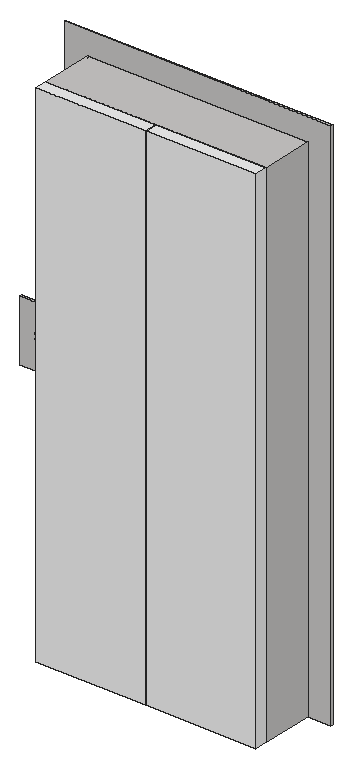
Revit family "Elevator", category Specialty Equipment, host Wall, Revit 2015
Parameters (values of type "10 Person")
  Hoistway Location Lines [instance] = yes
  Door Trim [instance] = yes
  Call Point [instance] = yes
  Material Trim = Stainless Steel
  Material Doors = Aluminium
  Keynote = ""
  Hoistway Width = 1950 mm
  Hoistway Depth = 1800 mm
  Height = 2100 mm
  Frame Width = 75 mm
  Wall Closure = By host
  Percentage Opened (Plan) = 0 mm
  Door Width = 900 mm
  Door Trim Width = 100 mm
  Door Thickness = 50 mm
  Car Width = 1350 mm
  Car Thickness = 25 mm
  Car Front Offset = 250 mm
  Car Depth = 1400 mm
Types (4, lengths in mm): name | Material Trim | Material Doors | Hoistway Width | Hoistway Depth | Car Width | Car Depth
  13 Person Wide Car | none | none | 2400 | 1800 | 1600 | 1400
  13 Person Deep Car | none | none | 1800 | 2500 | 1100 | 2100
  10 Person | Stainless Steel | Aluminium | 1950 | 1800 | 1350 | 1400
  8 Person | Stainless Steel | Aluminium | 1800 | 1800 | 1100 | 1400
Reference planes
  plane 1: y = 0
  plane 2 "Center (Left/Right)": x = -250
  plane 3 "Left": x = -700
  plane 4 "Right": x = 200
  plane 5: z = 2100
  plane 6 "Exterior": y = 107.5
  plane 7 "Interior": y = -107.5
  plane 8: x = -1225
  plane 9: x = 725
  plane 10: y = -1907.5
  plane 11: z = 1000
  plane 12: x = -900
Forms (mm)
  Extrusion 1, solid, material "Aluminium" <- "Material Doors"
    sketch origin (-5000, -107.5, 0) x (1, 0, 0) y (0, 0, 1)
      loop
        line (5200, 0) -> (5200, 2100) -> (4751, 2100) -> (4751, 0) -> (5200, 0)
      loop
        line (4750, 0) -> (4750, 2100) -> (4300, 2100) -> (4300, 0) -> (4750, 0)
    from 0 to 50
  Sweep 2, solid, material "Stainless Steel" <- "Material Trim", visible <- "Door Trim"
    path origin (0, 107.5, 0) x (1, 0, 0) y (0, 0, 1)
      loop
        line (200, 0) -> (200, 2100) -> (-700, 2100) -> (-700, 0)
    profile origin (200, 107.5, 1050) x (-1, 0, 0) y (0, -1, 0)
      loop
        line (-94, 0) -> (-94, -6) -> (6, -6) -> (6, 213) -> (0, 213) -> (0, 0) -> (-94, 0)
  Extrusion 3, solid, material "Stainless Steel" <- "Material Trim", visible <- "Call Point"
    sketch origin (0, 107.5, 0) x (1, 0, 0) y (0, 0, 1)
      loop
        line (-825, 875) -> (-825, 1125) -> (-975, 1125) -> (-975, 875) -> (-825, 875)
      loop
        line (-900, 1045) -> (-916.905, 1008.748) -> (-883.095, 1008.748) -> (-900, 1045)
      loop
        line (-900, 955) -> (-883.095, 991.252) -> (-916.905, 991.252) -> (-900, 955)
    from 0 to -6
  Extrusion 4, solid, material "Aluminium" <- "Material Doors", visible <- "Call Point"
    sketch origin (0, 107.5, 0) x (1, 0, 0) y (0, 0, 1)
      loop
        line (-900, 1045) -> (-916.905, 1008.748) -> (-883.095, 1008.748) -> (-900, 1045)
      loop
        line (-916.905, 991.252) -> (-900, 955) -> (-883.095, 991.252) -> (-916.905, 991.252)
    from 0 to -9
Lines and regions (mm)
  Opening 1
    outline origin (-3050, -107.5, 0) x (1, 0, 0) y (0, 0, 1)
      loop
        line (2350, 0) -> (3250, 0) -> (3250, 2100) -> (2350, 2100) -> (2350, 0)
Text (mm)
  text "Exterior" at (-2295.016, 1099.543, 0), in view "Ref. Level"
  text "Exterior" at (0, 1615.38, 3698.081), in view "Left"
  text "Exterior" at (0, 1036.032, 3874.932), in view "Right"
Dimensions and locks
  equal spacing: plane 3 "Left", plane 2 "Center (Left/Right)", plane 4 "Right"
  "Door Width": plane 3 "Left" to plane 4 "Right"
  "Height": plane 5 to host wall
  locked: plane 6 "Exterior" to host wall at 0
  locked: plane 7 "Interior" to host wall
  equal spacing: plane 8, plane 2 "Center (Left/Right)", plane 9
  "Hoistway Depth": plane 10 to plane 7 "Interior"
  "Hoistway Width": plane 8 to plane 9
  "Door Thickness": Extrusion 1 to plane 7 "Interior"
  Sweep 2 sketch curve to plane 4 "Right" = 6 mm
  "Door Trim Width": Sweep 2 sketch curve to Sweep 2 sketch curve
  plane 6 "Exterior" to Sweep 2 sketch curve = 6 mm
  locked: plane 12 to plane 3 "Left" at 200
  locked: level to plane 11 at 1000
  equal spacing: Extrusion 3 sketch curve, plane 11, Extrusion 3 sketch curve
  equal spacing: Extrusion 3 sketch curve, plane 12, Extrusion 3 sketch curve
  locked: Extrusion 3 sketch curve to Extrusion 3 sketch curve at 150
  locked: Extrusion 3 sketch curve to Extrusion 3 sketch curve at 250
  locked: Extrusion 4 to Extrusion 3 at 3
  aligned and locked: plane 3 "Left" to Opening 1 sketch curve
  aligned and locked: plane 5 to Opening 1 sketch curve  (x2)
  aligned and locked: Opening 1 sketch curve to plane 4 "Right"
  aligned and locked: Opening 1 sketch curve to level
  aligned and locked: plane 1 to host wall
  aligned and locked: nested 1 to plane 2 "Center (Left/Right)"
  aligned and locked: plane 7 "Interior" to nested 1
  aligned and locked: Extrusion 1 to host wall
  aligned and locked: Sweep 2 sketch curve to Extrusion 1  (x2)
  aligned and locked: Extrusion 3 to host wall
  aligned and locked: Sweep 2 to Extrusion 3
  aligned and locked: Extrusion 4 sketch curve to Extrusion 3  (x6)
Automatic sketch dimensions
  Extrusion 1 sketch curve to level = 0 mm  (x2)
  Extrusion 1 sketch curve to plane 3 "Left" = 0 mm
  Extrusion 1 sketch curve to plane 5 = 0 mm  (x2)
  Extrusion 1 sketch curve to plane 4 "Right" = 0 mm
  Extrusion 1 sketch curve to plane 2 "Center (Left/Right)" = 0 mm
  plane 2 "Center (Left/Right)" to Extrusion 1 sketch curve = 1 mm
  Sweep 2 sketch curve to level = 0 mm  (x2)
  Sweep 2 sketch curve to plane 5 = 0 mm
  Sweep 2 sketch curve to plane 6 "Exterior" = 0 mm
  Sweep 2 sketch curve to profile plane = 0 mm
  plane 6 "Exterior" to Sweep 2 sketch curve = 213 mm
  Extrusion 3 sketch curve to plane 12 = 0 mm  (x2)
  plane 12 to Extrusion 3 sketch curve = 16.905 mm  (x2)
  Extrusion 3 sketch curve to plane 12 = 16.905 mm  (x2)
  plane 11 to Extrusion 3 sketch curve = 8.748 mm
  Extrusion 3 sketch curve to Extrusion 3 sketch curve = 36.252 mm
  Extrusion 3 sketch curve to plane 11 = 45 mm
  Extrusion 3 sketch curve to plane 11 = 8.748 mm
Nested families
  nested 1: "2D Lift Car" at (-242.676, -107.5, 0), type "2D Lift Car"
Definition of nested family "2D Lift Car"
  Parameters
    Vis - Hoistway Location Lines = yes
    Vis - Doors in Plan = yes
    Perecntage Open Plan Only = 0 mm
    Lift Door Thickness = 50 mm
    Hoistway Width = 1950 mm
    Hoistway Depth = 1800 mm
    Door Opening = 900 mm
    Door Leaf Width = Door Opening / 2  # 450 mm
    Distance between Door Leafs = Door Opening / 100 mm * Perecntage Open Plan Only  # 0 mm
    Car Width = 1350 mm
    Car Wall Thickness = 25 mm
    Car Front Offset = 250 mm
    Car Depth = 1400 mm
    Assembly Code = ""
  Reference planes
    plane 1 "Center (Front/Back)": y = 0
    plane 2: z = 0
    plane 3 "Center (Left/Right)": x = -7.324
    plane 4: x = -982.324
    plane 5: x = 967.676
    plane 6: y = -1800
    plane 7: y = -250
    plane 8: y = -1650
    plane 9: x = -682.324
    plane 10: x = 667.676
    plane 11: x = -7.324
    plane 12: x = -7.324
  Lines and regions (mm)
    symbolic lines
      curve 1: line (-682.324, -1650, 0) -> (667.676, -1650, 0)
      curve 2: line (-682.324, -250, 0) -> (-682.324, -1650, 0)
      curve 3: line (667.676, -250, 0) -> (-682.324, -250, 0)
      curve 4: line (667.676, -1650, 0) -> (667.676, -250, 0)
      curve 5: line (-682.324, -250, 0) -> (667.676, -1650, 0)
      curve 6: line (-682.324, -1650, 0) -> (667.676, -250, 0)
      curve 7: line (-457.324, -250, 0) -> (-457.324, -53, 0)
      curve 8: line (442.676, -250, 0) -> (442.676, -53, 0)
      curve 9: line (-707.324, -1675, 0) -> (692.676, -1675, 0)
      curve 10: line (-707.324, -225, 0) -> (-707.324, -1675, 0)
      curve 11: line (692.676, -225, 0) -> (442.676, -225, 0)
      curve 12: line (692.676, -1675, 0) -> (692.676, -225, 0)
      curve 13: line (-457.324, -225, 0) -> (-707.324, -225, 0)
      curve 14: line (467.676, -225, 0) -> (467.676, -53, 0)
      curve 15: line (-482.324, -225, 0) -> (-482.324, -53, 0)
      curve 27: line (-457.324, -53, 0) -> (-482.324, -53, 0)
      curve 28: line (442.676, -53, 0) -> (467.676, -53, 0)
    symbolic lines, visible <- "Vis - Hoistway Location Lines"
      curve 16: line (-982.324, -250, 0) -> (-982.324, -1800, 0)
      curve 17: line (-982.324, -1800, 0) -> (967.676, -1800, 0)
      curve 18: line (967.676, -1800, 0) -> (967.676, -250, 0)
    symbolic lines, visible <- "Vis - Doors in Plan"
      curve 19: line (442.676, 0, 0) -> (-6.324, 0, 0)
      curve 20: line (-8.324, -50, 0) -> (-8.324, 0, 0)
      curve 21: line (-457.324, -50, 0) -> (-8.324, -50, 0)
      curve 22: line (-8.324, 0, 0) -> (-457.324, 0, 0)
      curve 23: line (-6.324, -50, 0) -> (442.676, -50, 0)
      curve 24: line (-457.324, -50, 0) -> (-457.324, 0, 0)
      curve 25: line (442.676, -50, 0) -> (442.676, 0, 0)
      curve 26: line (-6.324, -50, 0) -> (-6.324, 0, 0)
  Dimensions and locks
    equal spacing: plane 9, plane 3 "Center (Left/Right)", plane 10
    "Car Width": plane 9 to plane 10
    equal spacing: plane 4, plane 3 "Center (Left/Right)", plane 5
    "Hoistway Width": plane 4 to plane 5
    "Car Front Offset": plane 7 to plane 1 "Center (Front/Back)"
    "Car Depth": plane 8 to plane 7
    "Hoistway Depth": plane 6 to plane 1 "Center (Front/Back)"
    equal spacing: curve 7, plane 3 "Center (Left/Right)", curve 8
    "Door Opening": curve 7 to curve 8
    "Car Wall Thickness": curve 10 to plane 9
    "Car Wall Thickness": plane 10 to curve 12
    "Car Wall Thickness": curve 9 to plane 8
    "Car Wall Thickness": plane 7 to curve 11
    "Car Wall Thickness": curve 15 to curve 7
    "Car Wall Thickness": curve 8 to curve 14
    "Lift Door Thickness": curve 21 to plane 1 "Center (Front/Back)"
    equal spacing: plane 11, plane 3 "Center (Left/Right)", plane 12
    "Distance between Door Leafs": plane 11 to plane 12
    "Door Leaf Width": curve 24 to plane 11
    "Door Leaf Width": plane 12 to curve 25
    curve 27 to curve 21 = 3 mm
    curve 28 to curve 23 = 3 mm
    curve 20 to plane 11 = 1 mm
    locked: plane 12 to curve 26 at 1
    aligned and locked: curve 11 to curve 13
    aligned and locked: plane 4 to curve 16
    aligned and locked: plane 6 to curve 17
    aligned and locked: curve 18 to plane 5
  Automatic sketch dimensions
    curve 5 to plane 7 = 0 mm
    curve 5 to plane 9 = 0 mm
    curve 19 to plane 1 "Center (Front/Back)" = 0 mm
    curve 1 to plane 8 = 0 mm
    curve 1 to plane 10 = 0 mm
    curve 18 to plane 7 = 0 mm
    curve 16 to plane 7 = 0 mm
    curve 20 to plane 1 "Center (Front/Back)" = 0 mm
    plane 1 "Center (Front/Back)" to curve 14 = 53 mm
